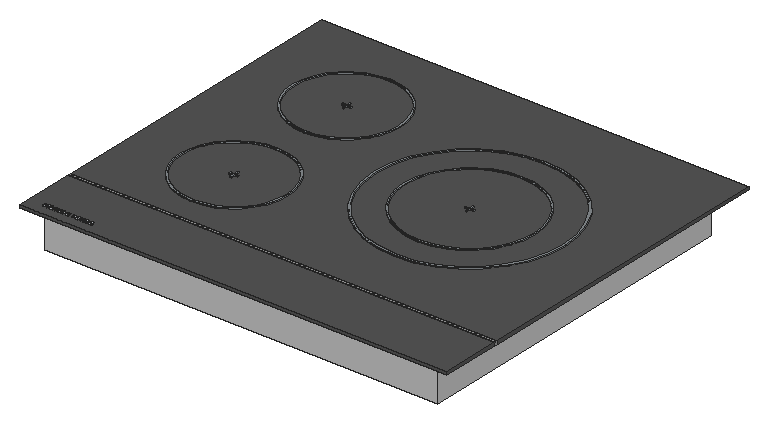
Revit family "FP_Revit_18_CI603DTB2_Cooktop_90000844A", category Specialty Equipment, Revit 2018
Family settings
  Round Connector Dimension = Use Diameter
  Part Type = Normal
  OmniClass Number = 23.40.40.14.17.11
  OmniClass Title = Cookers, Ovens, Stoves
  Work Plane-Based = No
  Always vertical = Yes
  Cut with Voids When Loaded = Yes
  Shared = No
  Room Calculation Point = No
Parameters
  Visibility - Clearance Required = yes
  URL = "www.fisherpaykel.com"
  Product - Width = 599 mm  # constant formula
  Product - Height = 54 mm  # constant formula
  Product - Depth = 530 mm  # constant formula
  Model = "CI603DTB2"
  Material - Trim = Fisher & Paykel - Steel, Chrome Plated
  Material - Graphics = Fisher & Paykel - Graphics Grey
  Material - Cooktop = Fisher & Paykel - Glass, Black
  Material - Body = Fisher & Paykel - Grey
  Manufacturer = "Fisher & Paykel Appliances"
  FFL Offset [instance] = 900 mm
  Description = "60cm Induction Cooktop"
  Connector Note - Electrical = "220-240 V, 30 A, 50 Hz,"
  Clearance - Side Combustible = 30 mm  # constant formula
  Clearance - Rear Combustible = 30 mm  # constant formula
  Clearance - Overhead Rangehood = 650 mm  # constant formula
  Clearance - Below = 65 mm  # constant formula
  Chassis - Width = 552 mm  # constant formula
  Chassis - Height = 49 mm  # constant formula
  Chassis - Depth = 480 mm  # constant formula
  Cavity - Width = 560 mm  # constant formula
  Cavity - Height = 65 mm  # constant formula
  Cavity - Depth = 490 mm  # constant formula
Reference planes
  plane 1 "Datum": y = 0
  plane 2: z = 0
  plane 3 "Center (Left/Right)": x = 0
  plane 4 "Product LHS": x = -299.5
  plane 5 "Product RHS": x = 299.5
  plane 6 "Product - Depth": y = 530
  plane 7 "Cavity LHS": x = -280
  plane 8 "Cavity RHS": x = 280
  plane 9 "Cavity - Depth": y = 497.2
  plane 10 "Chassis Front": y = 13.2
  plane 11 "Chassis - Depth": y = 493.2
  plane 12 "Cavity - Front": y = 7.2
  plane 13 "Basepan": z = 851
  plane 14 "Benchtop": z = 900
  plane 15 "Glass": z = 905
Forms (mm)
  Extrusion 1, solid, material "Fisher & Paykel - Glass, Black" <- "Material - Cooktop"
    sketch origin (0, 0, 0) x (0, 1, 0) y (0, 0, 1)
      loop
        line (0, 905) -> (0, 901) -> (85, 901) -> (85, 905) -> (0, 905)
      loop
        line (530, 905) -> (88, 905) -> (88, 901) -> (530, 901) -> (530, 905)
    from -299.5 to 299.5
  Extrusion 2, solid, material "Fisher & Paykel - Clearance Required (Cutout)", visible <- "Visibility - Clearance Required", detail levels coarse
    sketch origin (0, 24.768, 0) x (1, 0, 0) y (0, 1, 0)
      loop
        line (-280, 472.432) -> (-280, -17.568) -> (280, -17.568) -> (280, 472.432) -> (-280, 472.432)
    from 835 to 900
  Extrusion 3, solid, material "Fisher & Paykel - Clearance Required (Rangehood)", visible <- "Visibility - Clearance Required", detail levels coarse
    sketch origin (0, 0, 0) x (1, 0, 0) y (0, 1, 0)
      loop
        line (-310, 0) -> (310, 0) -> (310, 527.2) -> (-310, 527.2) -> (-310, 0)
    from 905 to 1555
  Extrusion 4, solid, material "Fisher & Paykel - Grey" <- "Material - Body"
    sketch origin (0, 0, 0) x (0, 1, 0) y (0, 0, 1)
      loop
        line (493.2, 851) -> (493.2, 900) -> (13.2, 900) -> (13.2, 851) -> (493.2, 851)
    from -276 to 276
  Extrusion 5, solid, material "Fisher & Paykel - Graphics Grey" <- "Material - Graphics", detail levels fine
    sketch origin (0, 0, 0) x (1, 0, 0) y (0, 1, 0)
      loop
        line (92.778, 306.424) -> (90.81, 306.424) -> (90.81, 301.258) -> (85.644, 301.258) -> (85.644, 299.29) -> (90.81, 299.29) -> (90.81, 294.124) -> (92.778, 294.124) -> (92.778, 299.29) -> (97.944, 299.29) -> (97.944, 301.258) -> (92.778, 301.258) -> (92.778, 306.424)
      loop
        line (-157.022, 402.439) -> (-158.989, 402.439) -> (-158.989, 397.272) -> (-164.156, 397.272) -> (-164.156, 395.304) -> (-158.989, 395.304) -> (-158.989, 390.138) -> (-157.022, 390.138) -> (-157.022, 395.304) -> (-151.856, 395.304) -> (-151.856, 397.272) -> (-157.022, 397.272) -> (-157.022, 402.439)
      loop
        line (-157.022, 204.994) -> (-158.989, 204.994) -> (-158.989, 199.828) -> (-164.156, 199.828) -> (-164.156, 197.86) -> (-158.989, 197.86) -> (-158.989, 192.694) -> (-157.022, 192.694) -> (-157.022, 197.86) -> (-151.856, 197.86) -> (-151.856, 199.828) -> (-157.022, 199.828) -> (-157.022, 204.994)
      loop
        circle (-158.006, 396.288) r 75.498
      loop
        circle (-158.006, 396.288) r 73.297
      loop
        circle (-158.006, 198.844) r 75.501
      loop
        circle (-158.006, 198.844) r 73.252
      loop
        circle (91.794, 300.274) r 89.94
      loop
        circle (91.794, 300.274) r 91.936
      loop
        circle (91.794, 300.274) r 131.006
      loop
        circle (91.794, 300.274) r 133.942
    from 905 to 906
  Extrusion 6, solid, material "Fisher & Paykel - Grey" <- "Material - Body", detail levels fine
    sketch origin (0, 0, 0) x (1, 0, 0) y (0, 1, 0)
      loop
        circle (0, 473.2) r 5
    from 845 to 851
  Extrusion 7, solid, material "Fisher & Paykel - Grey" <- "Material - Body"
    sketch origin (0, 0, 0) x (1, 0, 0) y (0, 1, 0)
      loop
        line (-283, 520.2) -> (-283, 8.39) -> (283, 8.39) -> (283, 520.2) -> (-283, 520.2)
    from 900 to 901
  Extrusion 8, void
    sketch origin (0, 24.768, 0) x (1, 0, 0) y (0, 1, 0)
      loop
        line (-280, 472.432) -> (-280, -17.568) -> (280, -17.568) -> (280, 472.432) -> (-280, 472.432)
    from 835 to 900
  Extrusion 9, solid, material "Fisher & Paykel - Steel, Chrome Plated" <- "Material - Trim", detail levels medium+fine
    sketch origin (0, 0, 0) x (0, 1, 0) y (0, 0, 1)
      loop
        line (85, 901) -> (88, 901) -> (88, 906) -> (85, 906) -> (85, 901)
    from -299.5 to 299.5
Text (mm)
  text "Due to ongoing product development, product details are subject to change without notice. \nPlease always refer to www.fisherpaykel.com for the most current product information. \n© Fisher & Paykel 2020" at (41.04, -102.478, 0), in view "Ref. Level (Plan)"
Dimensions and locks
  equal spacing: plane 4 "Product LHS", plane 3 "Center (Left/Right)", plane 5 "Product RHS"
  "Product - Width": plane 4 "Product LHS" to plane 5 "Product RHS"
  equal spacing: plane 7 "Cavity LHS", plane 3 "Center (Left/Right)", plane 8 "Cavity RHS"
  "Cavity - Width": plane 7 "Cavity LHS" to plane 8 "Cavity RHS"
  "Product - Depth": Extrusion 1 to plane 1 "Datum"
  equal spacing: Extrusion 4, plane 3 "Center (Left/Right)", Extrusion 4
  "Chassis - Width": Extrusion 4 to Extrusion 4
  locked: plane 1 "Datum" to plane 10 "Chassis Front" at 13.2
  plane 10 "Chassis Front" to plane 12 "Cavity - Front" = 6 mm
  "Cavity - Depth": plane 9 "Cavity - Depth" to plane 12 "Cavity - Front"
  "Chassis - Depth": plane 11 "Chassis - Depth" to plane 10 "Chassis Front"
  locked: plane 15 "Glass" to plane 14 "Benchtop" at 5
  "Chassis - Height": plane 14 "Benchtop" to plane 13 "Basepan"
  "FFL Offset": plane 14 "Benchtop" to level
  "Clearance - Below": plane 14 "Benchtop" to Extrusion 2
  locked: plane 14 "Benchtop" to Extrusion 6 at 55
  locked: plane 15 "Glass" to Extrusion 1 sketch curve at 4
  locked: Extrusion 5 to plane 15 "Glass" at 1
  "Clearance - Overhead Rangehood": Extrusion 3 to plane 15 "Glass"
  locked: nested 1 to plane 15 "Glass" at 0.8
  "Clearance - Rear Combustible": plane 9 "Cavity - Depth" to Extrusion 3
  "Clearance - Side Combustible": plane 8 "Cavity RHS" to Extrusion 3
  "Clearance - Side Combustible": Extrusion 3 to plane 7 "Cavity LHS"
  locked: Extrusion 9 sketch curve to Extrusion 3 at 1
  aligned and locked: level to plane 2
  aligned and locked: Extrusion 1 to plane 5 "Product RHS"
  aligned and locked: plane 4 "Product LHS" to Extrusion 1
  aligned and locked: plane 9 "Cavity - Depth" to Extrusion 2
  aligned and locked: plane 11 "Chassis - Depth" to Extrusion 4
  aligned and locked: Extrusion 6 to Extrusion 4
  aligned and locked: plane 14 "Benchtop" to Extrusion 2
  aligned and locked: Extrusion 3 to plane 15 "Glass"
  aligned and locked: Extrusion 2 to Extrusion 4
  aligned and locked: Extrusion 4 to plane 13 "Basepan"
  aligned and locked: Extrusion 1 sketch curve to plane 15 "Glass"
  aligned and locked: Extrusion 1 to Extrusion 5
  aligned and locked: Extrusion 8 to Extrusion 2  (x2)
  aligned and locked: Extrusion 1 sketch curve to Extrusion 1 sketch curve
  aligned and locked: Extrusion 7 to Extrusion 1
  aligned and locked: Extrusion 7 to Extrusion 2
Automatic sketch dimensions
  Extrusion 2 sketch curve to plane 12 "Cavity - Front" = 0 mm
  plane 9 "Cavity - Depth" to Extrusion 2 sketch curve = 0 mm
  plane 7 "Cavity LHS" to Extrusion 2 sketch curve = 0 mm
  Extrusion 2 sketch curve to plane 8 "Cavity RHS" = 0 mm
  plane 1 "Datum" to Extrusion 3 sketch curve = 0 mm
  Extrusion 3 sketch curve to plane 6 "Product - Depth" = 2.8 mm
  plane 4 "Product LHS" to Extrusion 3 sketch curve = 10.5 mm
  Extrusion 3 sketch curve to plane 5 "Product RHS" = 10.5 mm
  Extrusion 4 sketch curve to plane 10 "Chassis Front" = 0 mm
  Extrusion 4 sketch curve to plane 11 "Chassis - Depth" = 0 mm
  Extrusion 4 sketch curve to plane 13 "Basepan" = 0 mm
  Extrusion 4 sketch curve to plane 14 "Benchtop" = 0 mm
  Extrusion 5 sketch curve to Extrusion 5 sketch curve = 0 mm  (x22)
  Extrusion 5 sketch curve to plane 7 "Cavity LHS" = 115.844 mm  (x2)
  Extrusion 5 sketch curve to Extrusion 5 sketch curve = 5.166 mm  (x12)
  Extrusion 5 sketch curve to Extrusion 5 sketch curve = 0.984 mm  (x11)
  Extrusion 5 sketch curve to Extrusion 5 sketch curve = 1.968 mm  (x7)
  plane 3 "Center (Left/Right)" to Extrusion 5 sketch curve = 85.644 mm
  plane 10 "Chassis Front" to Extrusion 5 sketch curve = 179.494 mm
  Extrusion 5 sketch curve to plane 11 "Chassis - Depth" = 199.076 mm
  Extrusion 5 sketch curve to plane 11 "Chassis - Depth" = 103.062 mm
  Extrusion 6 sketch curve to plane 3 "Center (Left/Right)" = 0 mm
  Extrusion 6 sketch curve to plane 11 "Chassis - Depth" = 20 mm
  plane 12 "Cavity - Front" to Extrusion 7 sketch curve = 1.189 mm
  plane 7 "Cavity LHS" to Extrusion 7 sketch curve = 3 mm
  Extrusion 7 sketch curve to plane 8 "Cavity RHS" = 3 mm
  Extrusion 7 sketch curve to plane 6 "Product - Depth" = 9.8 mm
  Extrusion 8 sketch curve to plane 12 "Cavity - Front" = 0 mm
  plane 9 "Cavity - Depth" to Extrusion 8 sketch curve = 0 mm
  plane 7 "Cavity LHS" to Extrusion 8 sketch curve = 0 mm
  Extrusion 8 sketch curve to plane 8 "Cavity RHS" = 0 mm
  plane 10 "Chassis Front" to Extrusion 9 sketch curve = 71.8 mm
  Extrusion 9 sketch curve to Extrusion 9 sketch curve = 3 mm
  plane 14 "Benchtop" to Extrusion 9 sketch curve = 1 mm
  Extrusion 1 sketch curve to plane 1 "Datum" = 0 mm
  Extrusion 1 sketch curve to plane 15 "Glass" = 0 mm
  Extrusion 1 sketch curve to plane 6 "Product - Depth" = 0 mm
  plane 10 "Chassis Front" to Extrusion 1 sketch curve = 71.8 mm
  Extrusion 1 sketch curve to Extrusion 1 sketch curve = 3 mm
  radius of Extrusion 5 sketch curve = 75.498 mm
  radius of Extrusion 5 sketch curve = 73.297 mm
  radius of Extrusion 5 sketch curve = 75.501 mm
  radius of Extrusion 5 sketch curve = 73.252 mm
  radius of Extrusion 5 sketch curve = 89.94 mm
  radius of Extrusion 5 sketch curve = 91.936 mm
  radius of Extrusion 5 sketch curve = 131.006 mm
  radius of Extrusion 5 sketch curve = 133.942 mm
  radius of Extrusion 6 sketch curve = 5 mm
Nested families
  nested 1: "F&P Logo 70mm Horizontal" at (-244.001, 14.253, 905), type "F&P Logo 70mm Horizontal"
Connectors
  electrical at (0, 473.2, 845), driven by "Connector Note - Electrical"
    settings: on Extrusion 6, index 1, voltage 230 V, apparent load 0 VA, apparent load phase1 0 VA, apparent load phase2 0 VA, apparent load phase3 0 VA, power factor 1, load classification "Other", number of poles 1, system type 30, power factor state 1, is connector primary yes, connector utility no, sub classification motor no, connector description "220-240 V, 30 A, 50 Hz,"
Definition of nested family "F&P Logo 70mm Horizontal"
  Parameters (values of type "F&P Logo 70mm Horizontal")
    URL = "www.fisherpaykel.com"
    Material - Logo = none
    Manufacturer = "Fisher & Paykel Appliances"
  Reference planes
    plane 1 "Center (Front/Back)": y = 0
    plane 2: z = 0
    plane 3 "Center (Left/Right)": x = 0
  Forms (mm)
    Extrusion 1, solid, material <- "Material - Logo", detail levels fine
      sketch origin (0, 0, 0) x (1, 0, 0) y (0, 1, 0)
        loop
          line (-34.997, -0.356) -> (-33.895, -0.356) -> (-33.895, 1.141) -> (-32.174, 1.141) -> (-32.174, 2.075) -> (-33.895, 2.075) -> (-33.895, 2.943) -> (-32.023, 2.943) -> (-32.023, 3.872) -> (-34.997, 3.872) -> (-34.997, -0.356)
        loop
          line (-29.929, 3.872) -> (-29.929, -0.356) -> (-28.828, -0.356) -> (-28.828, 3.872) -> (-29.929, 3.872)
        loop
          line (-21.473, 3.872) -> (-21.473, -0.356) -> (-20.372, -0.356) -> (-20.372, 1.338) -> (-18.754, 1.338) -> (-18.754, -0.356) -> (-17.652, -0.356) -> (-17.652, 3.872) -> (-18.754, 3.872) -> (-18.754, 2.268) -> (-20.372, 2.268) -> (-20.372, 3.872) -> (-21.473, 3.872)
        loop
          line (-15.301, 3.872) -> (-15.301, -0.356) -> (-12.288, -0.356) -> (-12.288, 0.444) -> (-14.209, 0.444) -> (-14.209, 1.338) -> (-12.453, 1.338) -> (-12.453, 2.268) -> (-14.209, 2.268) -> (-14.209, 3.072) -> (-12.288, 3.072) -> (-12.288, 3.872) -> (-15.301, 3.872)
        loop
          line (32, 3.872) -> (32, -0.356) -> (35.003, -0.356) -> (35.003, 0.574) -> (33.102, 0.574) -> (33.102, 3.872) -> (32, 3.872)
        loop
          line (29.735, 3.872) -> (26.712, 3.872) -> (26.712, -0.356) -> (29.735, -0.356) -> (29.735, 0.444) -> (27.814, 0.444) -> (27.814, 1.338) -> (29.57, 1.338) -> (29.57, 2.268) -> (27.814, 2.268) -> (27.814, 3.072) -> (29.735, 3.072) -> (29.735, 3.872)
        loop
          line (23.449, 1.848) -> (25.012, 3.872) -> (23.724, 3.872) -> (22.374, 2.124) -> (22.374, 3.872) -> (21.273, 3.872) -> (21.273, -0.356) -> (22.374, -0.356) -> (22.374, 1.538) -> (23.765, -0.356) -> (25.067, -0.356) -> (23.449, 1.848)
        loop
          line (15.42, 3.872) -> (17.017, 1.338) -> (17.017, -0.356) -> (18.119, -0.356) -> (18.119, 1.283) -> (19.717, 3.872) -> (18.546, 3.872) -> (17.603, 2.239) -> (16.66, 3.872) -> (15.42, 3.872)
        loop
          line (12.969, 3.872) -> (11.922, 3.872) -> (10.2, -0.356) -> (11.282, -0.356) -> (11.585, 0.422) -> (13.278, 0.422) -> (13.581, -0.356) -> (14.69, -0.356) -> (12.969, 3.872)
        loop
          line (12.913, 1.352) -> (12.419, 2.566) -> (11.946, 1.352) -> (12.913, 1.352)
        loop
          line (5.556, 3.872) -> (5.556, -0.356) -> (6.653, -0.356) -> (6.653, 1.001) -> (7.453, 1.001)
          spline (7.453, 1.001) -> (7.884, 1.05) -> (8.285, 1.193) -> (8.63, 1.421) -> (8.895, 1.719) -> (9.061, 2.065) -> (9.118, 2.436) -> (9.061, 2.808) -> (8.895, 3.154) -> (8.63, 3.452) -> (8.285, 3.68) -> (7.884, 3.823) -> (7.453, 3.872)
          line (7.453, 3.872) -> (5.556, 3.872)
        loop
          spline (7.385, 1.882) -> (7.558, 1.9) -> (7.72, 1.953) -> (7.858, 2.037) -> (7.965, 2.147) -> (8.032, 2.275) -> (8.055, 2.412) -> (8.032, 2.55) -> (7.965, 2.677) -> (7.858, 2.787) -> (7.72, 2.872) -> (7.558, 2.924) -> (7.385, 2.943)
          line (7.385, 2.943) -> (6.585, 2.943) -> (6.585, 1.882) -> (7.385, 1.882)
        loop
          line (-8.294, 2.943) -> (-9.094, 2.943) -> (-9.094, 1.781) -> (-8.294, 1.781)
          spline (-8.294, 1.781) -> (-8.121, 1.801) -> (-7.96, 1.859) -> (-7.822, 1.951) -> (-7.716, 2.072) -> (-7.649, 2.212) -> (-7.626, 2.362) -> (-7.649, 2.512) -> (-7.716, 2.652) -> (-7.822, 2.772) -> (-7.96, 2.865) -> (-8.121, 2.923) -> (-8.294, 2.943)
        loop
          line (-8.214, 3.872) -> (-10.262, 3.872) -> (-10.262, -0.356) -> (-9.094, -0.356) -> (-9.094, 0.492) -> (-8.294, 0.492) -> (-7.647, -0.356) -> (-6.373, -0.356) -> (-7.445, 1.016)
          spline (-7.445, 1.016) -> (-7.148, 1.205) -> (-6.902, 1.45) -> (-6.72, 1.739) -> (-6.611, 2.058) -> (-6.58, 2.391) -> (-6.628, 2.723) -> (-6.754, 3.037) -> (-6.95, 3.317) -> (-7.208, 3.551) -> (-7.515, 3.726) -> (-7.856, 3.835) -> (-8.214, 3.872)
        loop
          line (0.368, 2.943) -> (0.368, 3.951) -> (-2.559, 3.951) -> (-2.559, 3.151) -> (-2.048, 2.522)
          spline (-2.048, 2.522) -> (-2.373, 2.187) -> (-2.606, 1.789) -> (-2.731, 1.355) -> (-2.74, 0.914) -> (-2.632, 0.497) -> (-2.414, 0.133) -> (-2.102, -0.155) -> (-1.716, -0.347) -> (-1.283, -0.429) -> (-0.832, -0.395) -> (-0.395, -0.249) -> (0, 0)
          line (0, 0) -> (0.504, -0.621) -> (1.644, -0.621) -> (0.602, 0.712) -> (1.591, 2.137) -> (0.459, 2.137) -> (0.003, 1.48) -> (-1.14, 2.943) -> (0.368, 2.943)
        loop
          spline (-1.353, 1.874) -> (-1.563, 1.673) -> (-1.729, 1.449) -> (-1.839, 1.217) -> (-1.886, 0.992) -> (-1.867, 0.792) -> (-1.783, 0.627) -> (-1.639, 0.511) -> (-1.447, 0.451) -> (-1.218, 0.451) -> (-0.968, 0.512) -> (-0.714, 0.628) -> (-0.475, 0.792)
          line (-0.475, 0.792) -> (-1.353, 1.874)
        loop
          arc (-25.449, 3.004) -> (-24.591, 2.949) -> (-23.808, 2.592) r 2.379
          line (-23.808, 2.592) -> (-23.808, 3.586)
          arc (-23.808, 3.586) -> (-24.619, 3.915) -> (-25.494, 3.936) r 2.437
          arc (-25.494, 3.936) -> (-26.617, 2.99) -> (-26.18, 1.588) r 1.327
          arc (-26.18, 1.588) -> (-25.746, 1.367) -> (-25.276, 1.236) r 2.46
          spline (-25.276, 1.236) -> (-25.124, 1.211) -> (-24.98, 1.158) -> (-24.856, 1.083) -> (-24.761, 0.989) -> (-24.703, 0.886) -> (-24.686, 0.78) -> (-24.713, 0.681) -> (-24.78, 0.596) -> (-24.882, 0.532) -> (-25.011, 0.494) -> (-25.158, 0.485) -> (-25.311, 0.505)
          arc (-25.311, 0.505) -> (-26.045, 0.647) -> (-26.714, 0.98) r 2.761
          line (-26.714, 0.98) -> (-26.714, -0.067)
          arc (-26.714, -0.067) -> (-25.66, -0.377) -> (-24.564, -0.318) r 3.237
          arc (-24.564, -0.318) -> (-23.597, 0.72) -> (-24.205, 2.002) r 1.263
          arc (-24.205, 2.002) -> (-24.834, 2.249) -> (-25.488, 2.42) r 5.78
          spline (-25.488, 2.42) -> (-25.537, 2.449) -> (-25.58, 2.49) -> (-25.615, 2.541) -> (-25.639, 2.6) -> (-25.653, 2.664) -> (-25.654, 2.73) -> (-25.644, 2.795) -> (-25.622, 2.856) -> (-25.59, 2.909) -> (-25.549, 2.953) -> (-25.502, 2.985) -> (-25.449, 3.004)
      from 0 to 0.8
  Dimensions and locks
    Extrusion 1 sketch curve to Extrusion 1 sketch curve = 70 mm
    aligned and locked: level to plane 2
